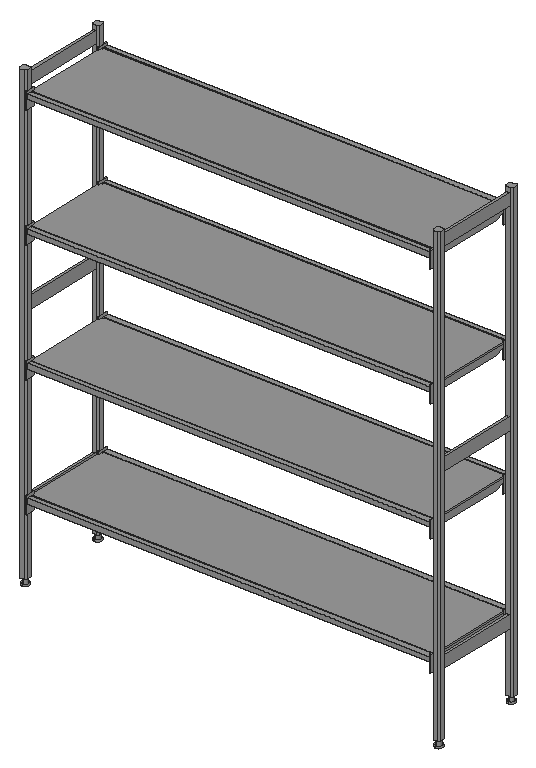
Revit family "QF_ZANUSSI_137018_ALS1569", category Attrezzature speciali, Revit 2020
Family settings
  Quota connettore circolare = Usa diametro
  Tipo di parte = Normale
  Basato su piano di lavoro = No
  Sempre verticale = Sì
  Taglio con vuoti quando caricato = No
  Condiviso = No
  Punto di calcolo locali = No
Parameters (values of type "Standard")
  Weight = 25.00 kg
  Watts = 0 W
  Volts = 0 V
  URL Manufacturer = "http://www.zanussiprofessional.com"
  URL = "http://www.zanussiprofessional.com"
  Steam Supply Size = 0 mm
  Steam Supply Minimum Pressure = 0.0 Pa
  Steam Supply Maximum Pressure = 0.0 Pa
  Steam Consumption per Hour = 0
  Refrigeration Suction Line Size = 0.0 mm
  Refrigeration Liquid Line Size = 0.0 mm
  Refrigerant Compressor Remote = yes
  Prospetto di default = 0.0 mm
  Phase = 0
  Modello = "ALS1569"
  Produttore = "Zanussi"
  Length Actual = 1569.0 mm  # constant formula
  Item Number = "137018"
  Hot Water Size = 0 mm
  Height Actual = 1700.0 mm  # constant formula
  HP = "0 HP"
  Gas Size = 0 mm
  Gas KW = 0
  Gas Input Pressure = 0 W
  Direct Waste Size = 0 mm
  Descrizione = "ALUM.LINEAR SHELV.-POLY.TIERS-373X1569MM"
  Depth Actual = 373.0 mm  # constant formula
  Cycle = 0 Hz
  Condensate Return Size = 0 mm
  Compressed Air Volume = 0.0 L/s
  Compressed Air Size = 0 mm
  Compressed Air Pressure = 0.0 Pa
  Cold Water Size = 0 mm
  Accessory = yes
Reference planes
  plane 1: z = 0
  plane 2 "Center (Left/Right)": x = -31
  plane 3 "LEFT": x = -815.5
  plane 4 "RIGHT": x = 753.5
  plane 5 "BACK": y = 23
  plane 6 "FRONT": y = -350
  plane 7 "TOP": z = 1700
  plane 8: x = 748.5
  plane 9: x = -783.5
  plane 10: x = 721.5
  plane 11 "Center (Front/Back)": y = -163.5
  plane 12: x = 716.5
  plane 13: y = -8.5
  plane 14: y = -318.5
  plane 15 "FEET": z = 25
  plane 16: z = 275
  plane 17: z = 725
  plane 18: z = 1175
  plane 19: z = 1625
  plane 20 "CXLeft": x = -801.5
  plane 21 "CXRight": x = 739.5
  plane 22: y = 5.5
  plane 23 "CYBack": y = 5.5
  plane 24 "CYFront": y = -332.5
Forms (mm)
  Extrusion 1, solid, material "QF_Aluminum"
    sketch origin (-815.5, 0, 0) x (0, 1, 0) y (0, 0, 1)
      loop
        line (4, 1650.994) -> (4, 1632.998) -> (23, 1632.998) -> (23, 1650.994) -> (4, 1650.994)
      loop
        line (-331, 1650.994) -> (-350, 1650.994) -> (-350, 1632.998) -> (-331, 1632.998) -> (-331, 1650.994)
      loop
        line (4, 1200.994) -> (4, 1182.998) -> (23, 1182.998) -> (23, 1200.994) -> (4, 1200.994)
      loop
        line (-331, 1200.994) -> (-350, 1200.994) -> (-350, 1182.998) -> (-331, 1182.998) -> (-331, 1200.994)
      loop
        line (4, 750.994) -> (4, 732.998) -> (23, 732.998) -> (23, 750.994) -> (4, 750.994)
      loop
        line (-331, 750.994) -> (-350, 750.994) -> (-350, 732.998) -> (-331, 732.998) -> (-331, 750.994)
      loop
        line (4, 300.994) -> (4, 282.998) -> (23, 282.998) -> (23, 300.994) -> (4, 300.994)
      loop
        line (-331, 300.994) -> (-350, 300.994) -> (-350, 282.998) -> (-331, 282.998) -> (-331, 300.994)
    from 32 to 1537
  Extrusion 2, solid, material "QF_Polyethylene"
    sketch origin (-815.5, 0, 0) x (0, 1, 0) y (0, 0, 1)
      loop
        line (2.007, 1650.994) -> (-329, 1650.994) -> (-329, 1644.496) -> (2.007, 1644.496) -> (2.007, 1650.994)
      loop
        line (2.007, 1200.994) -> (-329, 1200.994) -> (-329, 1194.496) -> (2.007, 1194.496) -> (2.007, 1200.994)
      loop
        line (2.007, 750.994) -> (-329, 750.994) -> (-329, 744.496) -> (2.007, 744.496) -> (2.007, 750.994)
      loop
        line (2.007, 300.994) -> (-329, 300.994) -> (-329, 294.496) -> (2.007, 294.496) -> (2.007, 300.994)
    from 32 to 1537
  Extrusion 3, solid, material "QF_Aluminum"
    sketch origin (753.5, 0, 0) x (0, 1, 0) y (0, 0, 1)
      loop
        line (-12, 1632.998) -> (4, 1632.998) -> (4, 1650.994) -> (2.007, 1650.994) -> (2.007, 1644.496) -> (-329, 1644.496) -> (-329, 1650.994) -> (-331, 1650.994) -> (-331, 1632.998) -> (-315, 1632.998) -> (-281, 1620.994) -> (-46, 1620.994) -> (-12, 1632.998)
      loop
        line (-12, 1182.998) -> (4, 1182.998) -> (4, 1200.994) -> (2.007, 1200.994) -> (2.007, 1194.496) -> (-329, 1194.496) -> (-329, 1200.994) -> (-331, 1200.994) -> (-331, 1182.998) -> (-315, 1182.998) -> (-281, 1170.994) -> (-46, 1170.994) -> (-12, 1182.998)
      loop
        line (-12, 732.998) -> (4, 732.998) -> (4, 750.994) -> (2.007, 750.994) -> (2.007, 744.496) -> (-329, 744.496) -> (-329, 750.994) -> (-331, 750.994) -> (-331, 732.998) -> (-315, 732.998) -> (-281, 720.994) -> (-46, 720.994) -> (-12, 732.998)
      loop
        line (-12, 282.998) -> (4, 282.998) -> (4, 300.994) -> (2.007, 300.994) -> (2.007, 294.496) -> (-329, 294.496) -> (-329, 300.994) -> (-331, 300.994) -> (-331, 282.998) -> (-315, 282.998) -> (-281, 270.994) -> (-46, 270.994) -> (-12, 282.998)
    from -32 to -37
Lines and regions (mm)
  symbolic lines
    curve 1: line (721.5, 4, 1700) -> (-783.5, 4, 1700)
    curve 2: line (-787.5, 23, 1700) -> (725.5, 23, 1700)
    curve 3: line (725.5, 13.246, 1700) -> (731.754, 19.5, 1700)
    curve 4: line (731.754, -8.5, 1700) -> (725.5, -2.246, 1700)
    curve 5: line (731.754, -318.5, 1700) -> (725.5, -324.754, 1700)
    curve 6: line (-787.5, -350, 1700) -> (725.5, -350, 1700)
    curve 7: line (725.5, 23, 1700) -> (725.5, -12.993, 1700)
    curve 8: line (725.5, -12.993, 1700) -> (721.5, -12.993, 1700)
    curve 9: line (725.5, -350, 1700) -> (725.5, -314.007, 1700)
    curve 10: line (725.5, -314.007, 1700) -> (721.5, -314.007, 1700)
    curve 11: line (-783.5, -12.993, 1700) -> (-783.5, -314.007, 1700)
    curve 12: line (-783.5, -331, 1700) -> (721.5, -331, 1700)
    curve 13: line (721.5, -12.993, 1700) -> (721.5, -314.007, 1700)
Dimensions and locks
  locked: plane 3 "LEFT" to plane 4 "RIGHT" at 1569
  equal spacing: plane 3 "LEFT", plane 2 "Center (Left/Right)", plane 4 "RIGHT"
  locked: plane 7 "TOP" to level at 1700
  locked: plane 5 "BACK" to plane 6 "FRONT" at 373
  locked: plane 4 "RIGHT" to plane 8 at 5
  locked: plane 9 to plane 10 at 1505
  locked: plane 3 "LEFT" to plane 9 at 32
  plane 12 to plane 10 = 5.0 mm
  locked: plane 13 to plane 14 at 310
  equal spacing: plane 13, plane 11 "Center (Front/Back)", plane 14
  equal spacing: plane 5 "BACK", plane 11 "Center (Front/Back)", plane 6 "FRONT"
  plane 15 "FEET" to level = 25.0 mm
  plane 7 "TOP" to plane 15 "FEET" = 1675.0 mm
  plane 16 to plane 15 "FEET" = 250.0 mm
  plane 17 to plane 16 = 450.0 mm
  plane 18 to plane 17 = 450.0 mm
  plane 19 to plane 18 = 450.0 mm
  locked: plane 3 "LEFT" to plane 20 "CXLeft" at 14
  locked: plane 21 "CXRight" to plane 4 "RIGHT" at 14
  locked: plane 5 "BACK" to plane 23 "CYBack" at 17.5
  locked: plane 24 "CYFront" to plane 6 "FRONT" at 17.5
  aligned and locked: level to plane 1
  aligned and locked: plane 9 to Extrusion 2
  aligned and locked: Extrusion 2 to plane 10
  aligned and locked: plane 9 to Extrusion 1
  aligned and locked: Extrusion 1 to plane 10
  aligned and locked: Extrusion 1 sketch curve to Extrusion 1 sketch curve  (x2)
  aligned and locked: Extrusion 3 sketch curve to Extrusion 3 sketch curve  (x3)
  aligned and locked: Extrusion 3 to plane 12
  aligned and locked: Extrusion 3 to plane 10
  aligned and locked: plane 20 "CXLeft" to nested 1
  aligned and locked: plane 21 "CXRight" to nested 2
Automatic sketch dimensions
  Extrusion 1 sketch curve to plane 6 "FRONT" = 0.0 mm  (x4)
  Extrusion 1 sketch curve to plane 5 "BACK" = 0.0 mm  (x4)
  plane 24 "CYFront" to Extrusion 1 sketch curve = 1.5 mm  (x2)
  plane 22 to Extrusion 1 sketch curve = 1.5 mm  (x4)
  plane 16 to Extrusion 1 sketch curve = 7.998 mm  (x2)
  Extrusion 1 sketch curve to Extrusion 1 sketch curve = 17.997 mm  (x8)
  plane 17 to Extrusion 1 sketch curve = 7.998 mm  (x2)
  plane 18 to Extrusion 1 sketch curve = 7.998 mm  (x2)
  plane 19 to Extrusion 1 sketch curve = 7.998 mm  (x2)
  plane 24 "CYFront" to Extrusion 2 sketch curve = 3.5 mm  (x4)
  plane 22 to Extrusion 2 sketch curve = 3.493 mm  (x4)
  plane 16 to Extrusion 2 sketch curve = 19.496 mm
  Extrusion 2 sketch curve to Extrusion 2 sketch curve = 6.499 mm  (x4)
  plane 17 to Extrusion 2 sketch curve = 19.496 mm
  plane 18 to Extrusion 2 sketch curve = 19.496 mm
  plane 19 to Extrusion 2 sketch curve = 19.496 mm
  plane 24 "CYFront" to Extrusion 3 sketch curve = 1.5 mm  (x4)
  Extrusion 3 sketch curve to Extrusion 3 sketch curve = 2.0 mm
  plane 14 to Extrusion 3 sketch curve = 3.5 mm  (x4)
  Extrusion 3 sketch curve to plane 16 = 4.006 mm
  Extrusion 3 sketch curve to Extrusion 3 sketch curve = 34.0 mm  (x4)
  Extrusion 3 sketch curve to plane 17 = 4.006 mm
  Extrusion 3 sketch curve to plane 18 = 4.006 mm
  Extrusion 3 sketch curve to plane 19 = 4.006 mm
  Extrusion 3 sketch curve to plane 13 = 37.5 mm  (x4)
  Extrusion 3 sketch curve to plane 13 = 3.5 mm  (x4)
  plane 22 to Extrusion 3 sketch curve = 3.493 mm  (x4)
  plane 22 to Extrusion 3 sketch curve = 1.5 mm  (x4)
  plane 16 to Extrusion 3 sketch curve = 7.998 mm  (x2)
  Extrusion 3 sketch curve to Extrusion 3 sketch curve = 11.498 mm  (x4)
  Extrusion 3 sketch curve to Extrusion 3 sketch curve = 6.499 mm  (x8)
  plane 17 to Extrusion 3 sketch curve = 7.998 mm  (x2)
  plane 18 to Extrusion 3 sketch curve = 7.998 mm  (x2)
  plane 19 to Extrusion 3 sketch curve = 7.998 mm  (x2)
  curve 6 to plane 6 "FRONT" = 0.0 mm
  curve 12 to plane 9 = 0.0 mm
  curve 12 to plane 10 = 0.0 mm
  curve 5 to plane 14 = 0.0 mm
  curve 11 to plane 9 = 0.0 mm
  curve 8 to plane 10 = 0.0 mm
  curve 4 to plane 13 = 0.0 mm
  curve 1 to plane 9 = 0.0 mm
  curve 1 to plane 10 = 0.0 mm
  curve 2 to plane 5 "BACK" = 0.0 mm
  plane 14 to curve 10 = 4.493 mm
  curve 7 to plane 13 = 4.493 mm
  curve 10 to plane 10 = 4.0 mm
  curve 7 to plane 10 = 4.0 mm
  plane 24 "CYFront" to curve 12 = 1.5 mm
  curve 5 to plane 14 = 6.254 mm
  plane 14 to curve 11 = 4.493 mm
  curve 11 to plane 13 = 4.493 mm
  plane 13 to curve 4 = 6.254 mm
  plane 22 to curve 1 = 1.5 mm
  curve 3 to plane 22 = 7.746 mm
  curve 3 to plane 5 "BACK" = 3.5 mm
  curve 5 to curve 9 = 6.254 mm
  curve 3 to curve 2 = 6.254 mm
  curve 4 to curve 7 = 6.254 mm
  plane 9 to curve 2 = 4.0 mm
  plane 9 to curve 6 = 4.0 mm
Nested families
  nested 1: "WT_Anta373" at (-398.5, 0, 0), type "WT_Anta373"
  nested 2: "WT_Anta373" at (336.5, 0, 0) x (-1, 0, 0) z (0, 0, 1), type "WT_Anta373"
Definition of nested family "WT_Anta373"
  Parameters
    WidthLeft = A + 64.0 mm  # 772.0 mm
    Width = 1606.0 mm
    Right = WidthLeft / 2  # 386.0 mm
    Default Elevation = 0.0 mm
    Left = -WidthLeft / 2  # -386.0 mm
    Height = 1725.0 mm
    FEET = 25.0 mm
    E = 0.0 mm
    Dint = Depth - 63.0 mm  # 310.0 mm
    Dext = Depth - 8.0 mm  # 365.0 mm
    Depth = 373.0 mm
    DX = (WidthLeft - A) / 2  # 32.0 mm
    B = 798.0 mm
    A = 708.0 mm
  Reference planes
    plane 1: z = 0
    plane 2 "LEFT": x = -417
    plane 3 "BACK": y = 23
    plane 4 "FRONT": y = -350
    plane 5 "TOP": z = 1725
    plane 6 "Center (Front/Back)": y = -163.5
    plane 7: y = -8.5
    plane 8: y = -318.5
    plane 9 "FEET": z = 25
    plane 10: z = 275
    plane 11: z = 725
    plane 12: z = 1175
    plane 13: z = 1625
    plane 14 "CXLeft": x = -403
    plane 15: y = 5.5
    plane 16 "CYBack": y = 5.5
    plane 17 "CYFront": y = -332.5
    plane 18: x = -385.031
    plane 19: x = -380.031
  Forms (mm)
    Extrusion 1, solid
      sketch origin (0, 0, 0) x (1, 0, 0) y (0, 1, 0)
        loop
          line (-417, 13.246) -> (-417, -2.246) -> (-410.746, -8.5) -> (-395.254, -8.5) -> (-389, -2.246) -> (-389, 13.246) -> (-395.254, 19.5) -> (-410.746, 19.5) -> (-417, 13.246)
      from 1725 to 25
    Extrusion 2, solid
      sketch origin (-417, 0, 0) x (0, 1, 0) y (0, 0, 1)
        loop
          line (23, 246.005) -> (23, 307.993) -> (-12.993, 307.993) -> (-12.993, 246.005) -> (23, 246.005)
        loop
          line (-350, 246.005) -> (-314.007, 246.005) -> (-314.007, 307.993) -> (-350, 307.993) -> (-350, 246.005)
        loop
          line (23, 696.005) -> (23, 757.993) -> (-12.993, 757.993) -> (-12.993, 696.005) -> (23, 696.005)
        loop
          line (-350, 696.005) -> (-314.007, 696.005) -> (-314.007, 757.993) -> (-350, 757.993) -> (-350, 696.005)
        loop
          line (23, 1146.005) -> (23, 1207.993) -> (-12.993, 1207.993) -> (-12.993, 1146.005) -> (23, 1146.005)
        loop
          line (-350, 1146.005) -> (-314.007, 1146.005) -> (-314.007, 1207.993) -> (-350, 1207.993) -> (-350, 1146.005)
        loop
          line (23, 1596.005) -> (23, 1657.993) -> (-12.993, 1657.993) -> (-12.993, 1596.005) -> (23, 1596.005)
        loop
          line (-350, 1596.005) -> (-314.007, 1596.005) -> (-314.007, 1657.993) -> (-350, 1657.993) -> (-350, 1596.005)
      from 28 to 32
    Revolve 3, solid
      sketch origin (-403, 0, 0) x (0, 1, 0) y (0, 0, 1)
        loop
          line (5.5, 25) -> (5.5, 0) -> (19, 0) -> (19, 5) -> (14, 5) -> (14, 25) -> (5.5, 25)
        axis (5.5, 25) -> (5.5, 0)
      angle from 0 to 360
    Extrusion 4, solid
      sketch origin (-403, 0, 0) x (0, 1, 0) y (0, 0, 1)
        loop
          line (-8.5, 912.382) -> (-8.5, 957.374) -> (-318.5, 957.374) -> (-318.5, 912.382) -> (-8.5, 912.382)
        loop
          line (-8.5, 1662.244) -> (-8.5, 1707.236) -> (-318.5, 1707.236) -> (-318.5, 1662.244) -> (-8.5, 1662.244)
      from -5 to 5
    Revolve 5, solid
      sketch origin (-403, -627, 0) x (0, -1, 0) y (0, 0, 1)
        loop
          line (-294.5, 25) -> (-294.5, 0) -> (-281, 0) -> (-281, 5) -> (-286, 5) -> (-286, 25) -> (-294.5, 25)
        axis (-294.5, 25) -> (-294.5, 0)
      angle from 0 to 360
    Extrusion 6, solid
      sketch origin (0, -627, 0) x (1, 0, 0) y (0, 1, 0)
        loop
          line (-417, 286.754) -> (-410.746, 280.5) -> (-395.254, 280.5) -> (-389, 286.754) -> (-389, 302.246) -> (-395.254, 308.5) -> (-410.746, 308.5) -> (-417, 302.246) -> (-417, 286.754)
      from 1725 to 25
    Extrusion 7, solid
      sketch origin (-417.031, -0.022, 0) x (0, 1, 0) y (0, 0, -1)
        loop
          line (-12, -1632.998) -> (-46, -1620.994) -> (-281, -1620.994) -> (-315, -1632.998) -> (-331, -1632.998) -> (-331, -1650.994) -> (-329, -1650.994) -> (-329, -1644.496) -> (2.007, -1644.496) -> (2.007, -1650.994) -> (4, -1650.994) -> (4, -1632.998) -> (-12, -1632.998)
        loop
          line (-12, -1182.998) -> (-46, -1170.994) -> (-281, -1170.994) -> (-315, -1182.998) -> (-331, -1182.998) -> (-331, -1200.994) -> (-329, -1200.994) -> (-329, -1194.496) -> (2.007, -1194.496) -> (2.007, -1200.994) -> (4, -1200.994) -> (4, -1182.998) -> (-12, -1182.998)
        loop
          line (-12, -732.998) -> (-46, -720.994) -> (-281, -720.994) -> (-315, -732.998) -> (-331, -732.998) -> (-331, -750.994) -> (-329, -750.994) -> (-329, -744.496) -> (2.007, -744.496) -> (2.007, -750.994) -> (4, -750.994) -> (4, -732.998) -> (-12, -732.998)
        loop
          line (-12, -282.998) -> (-46, -270.994) -> (-281, -270.994) -> (-315, -282.998) -> (-331, -282.998) -> (-331, -300.994) -> (-329, -300.994) -> (-329, -294.496) -> (2.007, -294.496) -> (2.007, -300.994) -> (4, -300.994) -> (4, -282.998) -> (-12, -282.998)
      from -32 to -37
    Extrusion 8, solid
      sketch origin (-403, 0, -659.878) x (0, 1, 0) y (0, 0, 1)
        loop
          line (-8.5, 912.382) -> (-8.5, 957.374) -> (-318.5, 957.374) -> (-318.5, 912.382) -> (-8.5, 912.382)
        loop
          line (-8.5, 1572.382) -> (-8.5, 1617.374) -> (-318.5, 1617.374) -> (-318.5, 1572.382) -> (-8.5, 1572.382)
        loop
          line (-8.5, 2322.382) -> (-8.5, 2367.374) -> (-318.5, 2367.374) -> (-318.5, 2322.382) -> (-8.5, 2322.382)
      from -5 to 5
  Lines and regions (mm)
    symbolic lines
      curve 1: line (-408, -8.5, 1725) -> (-408, -318.5, 1725)
      curve 2: line (-398, -318.5, 1725) -> (-398, -8.5, 1725)
      curve 3: line (-395.254, -8.5, 1725) -> (-410.746, -8.5, 1725)
      curve 4: line (-417, -2.246, 1725) -> (-410.746, -8.5, 1725)
      curve 5: line (-417, 13.246, 1725) -> (-417, -2.246, 1725)
      curve 6: line (-410.746, 19.5, 1725) -> (-417, 13.246, 1725)
      curve 7: line (-395.254, 19.5, 1725) -> (-410.746, 19.5, 1725)
      curve 8: line (-389, 13.246, 1725) -> (-395.254, 19.5, 1725)
      curve 9: line (-395.254, -8.5, 1725) -> (-389, -2.246, 1725)
      curve 10: line (-395.254, -318.5, 1725) -> (-410.746, -318.5, 1725)
      curve 11: line (-417, -324.754, 1725) -> (-410.746, -318.5, 1725)
      curve 12: line (-410.746, -346.5, 1725) -> (-417, -340.246, 1725)
      curve 13: line (-395.254, -346.5, 1725) -> (-410.746, -346.5, 1725)
      curve 14: line (-389, -340.246, 1725) -> (-395.254, -346.5, 1725)
      curve 15: line (-395.254, -318.5, 1725) -> (-389, -324.754, 1725)
      curve 16: line (-389, -350, 1725) -> (-389, -314.007, 1725)
      curve 17: line (-389, -314.007, 1725) -> (-385, -314.007, 1725)
      curve 18: line (-389, 23, 1725) -> (-389, -12.993, 1725)
      curve 19: line (-389, -12.993, 1725) -> (-385, -12.993, 1725)
      curve 20: line (-417, -324.754, 1725) -> (-417, -340.246, 1725)
      curve 21: line (-385, -350, 1725) -> (-385, -314.007, 1725)
      curve 22: line (-385, -350, 1725) -> (-389, -350, 1725)
      curve 23: line (-385, 23, 1725) -> (-389, 23, 1725)
      curve 24: line (-385, -12.993, 1725) -> (-385, 23, 1725)
      curve 25: line (-385.031, -13.016, 1725) -> (-385.031, -314.029, 1725)
  Dimensions and locks
    "Height": plane 5 "TOP" to level
    "Depth": plane 3 "BACK" to plane 4 "FRONT"
    "Dint": plane 7 to plane 8
    equal spacing: plane 7, plane 6 "Center (Front/Back)", plane 8
    equal spacing: plane 3 "BACK", plane 6 "Center (Front/Back)", plane 4 "FRONT"
    plane 9 "FEET" to level = 25.0 mm
    plane 5 "TOP" to plane 9 "FEET" = 1700.0 mm
    plane 10 to plane 9 "FEET" = 250.0 mm
    plane 11 to plane 10 = 450.0 mm
    plane 12 to plane 11 = 450.0 mm
    plane 13 to plane 12 = 450.0 mm
    locked: plane 2 "LEFT" to plane 14 "CXLeft" at 14
    locked: plane 3 "BACK" to plane 16 "CYBack" at 17.5
    locked: plane 17 "CYFront" to plane 4 "FRONT" at 17.5
    locked: Revolve 3 sketch curve to Revolve 3 sketch curve at 8.5
    locked: Revolve 3 sketch curve to plane 16 "CYBack" at 13.5
    locked: Revolve 5 sketch curve to Revolve 5 sketch curve at 8.5
    aligned and locked: level to plane 1
    aligned and locked: curve 20 to Extrusion 6
    aligned and locked: plane 5 "TOP" to Extrusion 1
    aligned and locked: plane 5 "TOP" to Extrusion 6
    aligned and locked: Extrusion 7 sketch curve to Extrusion 7 sketch curve  (x3)
  Automatic sketch dimensions
    curve 16 to plane 4 "FRONT" = 0.0 mm
    curve 11 to plane 8 = 0.0 mm
    curve 9 to plane 7 = 0.0 mm
    curve 5 to plane 2 "LEFT" = 0.0 mm
    curve 23 to plane 3 "BACK" = 0.0 mm
    plane 4 "FRONT" to curve 13 = 3.5 mm
    curve 20 to plane 17 "CYFront" = 7.746 mm
    curve 20 to plane 8 = 6.254 mm
    plane 8 to curve 16 = 4.493 mm
    curve 24 to plane 18 = 0.031 mm
    curve 24 to plane 7 = 4.493 mm
    plane 7 to curve 5 = 6.254 mm
    curve 5 to plane 15 = 7.746 mm
    curve 6 to plane 3 "BACK" = 3.5 mm
    curve 21 to plane 18 = 0.031 mm
    plane 18 to curve 23 = 3.969 mm
    plane 18 to curve 16 = 3.969 mm
    curve 18 to curve 8 = 6.254 mm
    curve 18 to curve 3 = 6.254 mm
    curve 16 to curve 13 = 6.254 mm
    curve 16 to curve 15 = 6.254 mm
    plane 2 "LEFT" to curve 10 = 6.254 mm
    plane 2 "LEFT" to curve 7 = 6.254 mm
    plane 2 "LEFT" to curve 12 = 6.254 mm
    plane 2 "LEFT" to curve 3 = 6.254 mm
    curve 14 to plane 17 "CYFront" = 7.746 mm
    curve 15 to plane 8 = 6.254 mm
    plane 7 to curve 9 = 6.254 mm
    curve 8 to plane 15 = 7.746 mm
    curve 3 to curve 2 = 2.746 mm
    curve 1 to curve 10 = 2.746 mm
    Extrusion 1 sketch curve to plane 2 "LEFT" = 0.0 mm
    Extrusion 1 sketch curve to plane 7 = 0.0 mm
    plane 2 "LEFT" to Extrusion 1 sketch curve = 6.254 mm  (x2)
    plane 14 "CXLeft" to Extrusion 1 sketch curve = 7.746 mm  (x2)
    Extrusion 1 sketch curve to plane 3 "BACK" = 3.5 mm
    plane 18 to Extrusion 1 sketch curve = 3.969 mm
    plane 7 to Extrusion 1 sketch curve = 6.254 mm  (x2)
    Extrusion 1 sketch curve to plane 15 = 7.746 mm  (x2)
    Extrusion 2 sketch curve to plane 4 "FRONT" = 0.0 mm  (x4)
    Extrusion 2 sketch curve to plane 3 "BACK" = 0.0 mm  (x4)
    plane 8 to Extrusion 2 sketch curve = 4.493 mm  (x4)
    Extrusion 2 sketch curve to plane 7 = 4.493 mm  (x4)
    Extrusion 2 sketch curve to plane 10 = 28.995 mm  (x2)
    plane 10 to Extrusion 2 sketch curve = 32.993 mm  (x2)
    Extrusion 2 sketch curve to plane 11 = 28.995 mm  (x2)
    plane 11 to Extrusion 2 sketch curve = 32.993 mm  (x2)
    Extrusion 2 sketch curve to plane 12 = 28.995 mm  (x2)
    plane 12 to Extrusion 2 sketch curve = 32.993 mm  (x2)
    Extrusion 2 sketch curve to plane 13 = 28.995 mm  (x2)
    plane 13 to Extrusion 2 sketch curve = 32.993 mm  (x2)
    Revolve 3 sketch curve to plane 9 "FEET" = 0.0 mm  (x2)
    Revolve 3 sketch curve to plane 15 = 0.0 mm  (x2)
    Revolve 3 sketch curve to level = 0.0 mm
    level to Revolve 3 sketch curve = 5.0 mm
    Revolve 3 sketch curve to Revolve 3 sketch curve = 11.655 mm
    Extrusion 4 sketch curve to plane 8 = 0.0 mm  (x2)
    Extrusion 4 sketch curve to plane 7 = 0.0 mm  (x2)
    plane 11 to Extrusion 4 sketch curve = 187.382 mm
    Extrusion 4 sketch curve to Extrusion 4 sketch curve = 44.992 mm
    plane 13 to Extrusion 4 sketch curve = 37.244 mm
    Extrusion 4 sketch curve to plane 5 "TOP" = 17.764 mm
    Revolve 5 sketch curve to plane 9 "FEET" = 0.0 mm  (x2)
    Revolve 5 sketch curve to plane 17 "CYFront" = 0.0 mm  (x2)
    Revolve 5 sketch curve to level = 0.0 mm
    Revolve 5 sketch curve to plane 4 "FRONT" = 4.0 mm
    Revolve 5 sketch curve to Revolve 5 sketch curve = 5.0 mm
    level to Revolve 5 sketch curve = 11.655 mm
    Extrusion 6 sketch curve to plane 2 "LEFT" = 0.0 mm
    Extrusion 6 sketch curve to plane 8 = 0.0 mm
    Extrusion 6 sketch curve to plane 2 "LEFT" = 6.254 mm  (x2)
    Extrusion 6 sketch curve to plane 14 "CXLeft" = 7.746 mm  (x2)
    Extrusion 6 sketch curve to plane 4 "FRONT" = 3.5 mm
    Extrusion 6 sketch curve to plane 18 = 3.969 mm
    plane 8 to Extrusion 6 sketch curve = 6.254 mm  (x2)
    plane 17 "CYFront" to Extrusion 6 sketch curve = 7.746 mm  (x2)
    plane 17 "CYFront" to Extrusion 7 sketch curve = 1.478 mm  (x4)
    Extrusion 7 sketch curve to Extrusion 7 sketch curve = 2.0 mm
    plane 8 to Extrusion 7 sketch curve = 3.478 mm  (x4)
    Extrusion 7 sketch curve to plane 10 = 4.006 mm
    Extrusion 7 sketch curve to Extrusion 7 sketch curve = 34.0 mm  (x4)
    Extrusion 7 sketch curve to plane 11 = 4.006 mm
    Extrusion 7 sketch curve to plane 12 = 4.006 mm
    Extrusion 7 sketch curve to plane 13 = 4.006 mm
    Extrusion 7 sketch curve to plane 7 = 37.522 mm  (x4)
    Extrusion 7 sketch curve to plane 7 = 3.522 mm  (x4)
    plane 15 to Extrusion 7 sketch curve = 3.516 mm  (x4)
    plane 15 to Extrusion 7 sketch curve = 1.522 mm  (x4)
    plane 13 to Extrusion 7 sketch curve = 7.998 mm  (x2)
    Extrusion 7 sketch curve to Extrusion 7 sketch curve = 11.498 mm
    Extrusion 7 sketch curve to Extrusion 7 sketch curve = 6.499 mm  (x5)
    plane 12 to Extrusion 7 sketch curve = 25.994 mm  (x2)
    plane 12 to Extrusion 7 sketch curve = 7.998 mm  (x2)
    plane 11 to Extrusion 7 sketch curve = 25.994 mm  (x2)
    plane 11 to Extrusion 7 sketch curve = 7.998 mm  (x2)
    plane 10 to Extrusion 7 sketch curve = 25.994 mm  (x2)
    plane 10 to Extrusion 7 sketch curve = 7.998 mm  (x2)
    curve 25 to plane 18 = 0.0 mm
    plane 8 to curve 25 = 4.471 mm
    curve 25 to plane 7 = 4.516 mm
    Extrusion 8 sketch curve to plane 8 = 0.0 mm  (x3)
    Extrusion 8 sketch curve to plane 7 = 0.0 mm  (x3)
    Extrusion 8 sketch curve to plane 10 = 22.496 mm
    plane 10 to Extrusion 8 sketch curve = 22.496 mm
    plane 11 to Extrusion 8 sketch curve = 187.504 mm
    Extrusion 8 sketch curve to Extrusion 8 sketch curve = 44.992 mm
    plane 13 to Extrusion 8 sketch curve = 37.504 mm
    Extrusion 8 sketch curve to plane 5 "TOP" = 17.504 mm
